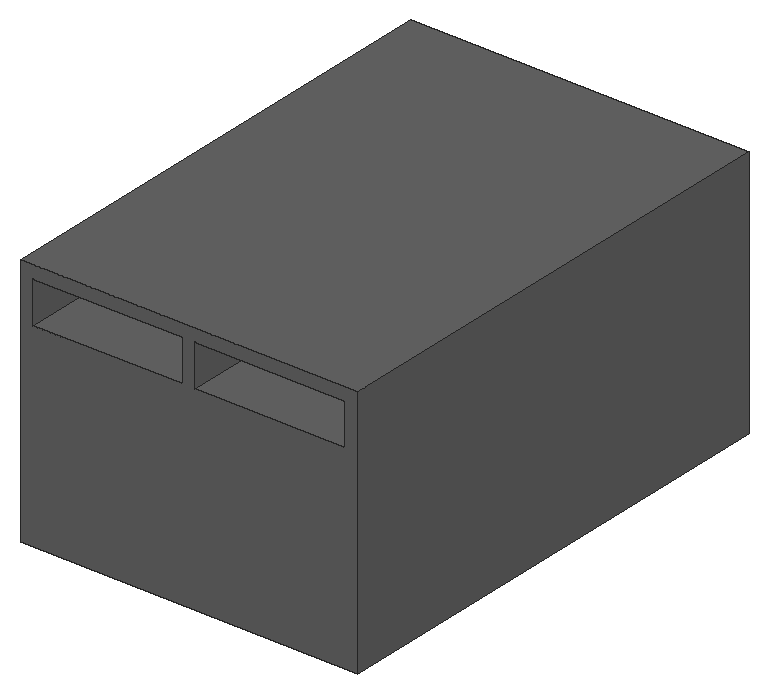
Revit family "GP212-sw", category Communication Devices, Revit 2012
Parameters
  Width = 20.000"
  Weight Product (lb) = 99.5
  Weight Product (kg) = 45.1
  Weight Dimensional (lb) = 115.5
  Weight Dimensional (kg) = 52.4
  Vent Depth = -1 * (Depth - 0.750")  # -28.250"
  URL = "http://www.qscaudio.com/products/speakers/GP212sw/index.htm"
  Type Comments = ""
  Sensitivity = 99
  SPL Max = 135.4
  Regulatory Compliance = "RoHS"
  Product Page URL = "http://www.qscaudio.com/products/speakers/GP212sw/index.htm"
  Product Documentation Link = "http://media.qscaudio.com/pdfs/Specifications/GP212sw_specifications.pdf"
  Power Handling = 1100
  Model = "GP212-sw"
  Manufacturer URL = "www.qscaudio.com"
  Manufacturer = "QSC Audio Products, LLC"
  Impedance = 4
  Height = 15.000"
  Enclosure Material = Black Finish
  Description = "Dual 12\" Bandpass Subwoofer"
  Depth = 29.000"
  Default Elevation = 0.000"
Reference planes (in)
  plane 1 "Center (Front/Back)": y = 0
  plane 2: z = 0
  plane 3 "Center (Left/Right)": x = 0
  plane 4 "Enclosure Left": x = -10
  plane 5 "Enclosure Right": x = 10
  plane 6 "Enclosure Rear": y = 29
  plane 7 "Enclosure Top": z = 7.5
  plane 8 "Enclosure Bottom": z = -7.5
Forms (in)
  Extrusion 1, solid, material "Black Finish" <- "Enclosure Material"
    sketch origin (10, 0, 0) x (0, 1, 0) y (0, 0, -1)
      loop
        line (0, -7.5) -> (29, -7.5) -> (29, 7.5) -> (0, 7.5) -> (0, -7.5)
    from 0 to 20 <- "Width"
  Extrusion 2, void
    sketch origin (0, 0, 0) x (1, 0, 0) y (0, 0, 1)
      loop
        line (-9.25, 6.75) -> (-9.25, 4.25) -> (-0.375, 4.25) -> (-0.375, 6.75) -> (-9.25, 6.75)
      loop
        line (9.25, 6.75) -> (0.375, 6.75) -> (0.375, 4.25) -> (9.25, 4.25) -> (9.25, 6.75)
    from 0 to -28.25 <- "Vent Depth"
Cuts and joins
  Extrusion 2 cuts Extrusion 1
Lines and regions (in)
  model lines, not visible, detail levels fine
    curve 1: line (5.71903, -15.98805, 15.71826) -> (4.97334, -15.00561, 15.71826)
    curve 2: line (4.97334, -15.00561, 15.71826) -> (5.71903, -15.98805, 15.71826)
    curve 3: line (2.26978, -15.86537, 15.71826) -> (2.5515, -14.85193, 15.71826)
    curve 4: line (2.5515, -14.85193, 15.71826) -> (2.26978, -15.86537, 15.71826)
    curve 5: line (2.74036, -16.53639, 15.71826) -> (2.53009, -14.66094, 15.71826)
    curve 6: line (2.53009, -14.66094, 15.71826) -> (2.74036, -16.53639, 15.71826)
    curve 7: line (6.71752, -15.22426, 15.71826) -> (7.38247, -15.7128, 15.71826)
    curve 8: line (7.38247, -15.7128, 15.71826) -> (6.71752, -15.22426, 15.71826)
  model lines, detail levels fine
    curve 9: line (10, 15.92133, -0.30362) -> (10, 15.17564, 0.67883)
    curve 10: line (10, 15.17564, 0.67883) -> (10, 15.92133, -0.30362)
    curve 11: line (10, 12.47208, -0.18094) -> (10, 12.7538, 0.83251)
    curve 12: line (10, 12.7538, 0.83251) -> (10, 12.47208, -0.18094)
    curve 13: line (10, 12.94266, -0.85196) -> (10, 12.73239, 1.0235)
    curve 14: line (10, 12.73239, 1.0235) -> (10, 12.94266, -0.85196)
    curve 15: line (10, 16.91982, 0.46017) -> (10, 17.58477, -0.02836)
    curve 16: line (10, 17.58477, -0.02836) -> (10, 16.91982, 0.46017)
    curve 41: line (-10, 14.48841, -0.30362) -> (-10, 15.2341, 0.67883)
    curve 42: line (-10, 15.2341, 0.67883) -> (-10, 14.48841, -0.30362)
    curve 43: line (-10, 17.93766, -0.18094) -> (-10, 17.65593, 0.83251)
    curve 44: line (-10, 17.65593, 0.83251) -> (-10, 17.93766, -0.18094)
    curve 45: line (-10, 17.46708, -0.85196) -> (-10, 17.67735, 1.0235)
    curve 46: line (-10, 17.67735, 1.0235) -> (-10, 17.46708, -0.85196)
    curve 47: line (-10, 13.48991, 0.46017) -> (-10, 12.82496, -0.02836)
    curve 48: line (-10, 12.82496, -0.02836) -> (-10, 13.48991, 0.46017)
    curve 66: circle (0, 14.5, 7.5) r 0.5 normal (0, 0, 1)
    curve 67: circle (-7.5, 2.5, 7.5) r 0.875 normal (0, 0, 1)
    curve 68: circle (7.5, 2.5, 7.5) r 0.875 normal (0, 0, -1)
    curve 69: circle (-7.5, 26.5, 7.5) r 0.875 normal (0, 0, 1)
    curve 70: circle (7.5, 26.5, 7.5) r 0.875 normal (0, 0, -1)
  model lines, detail levels medium+fine
    curve 17: line (10, 3.85859, -1.79855) -> (10, 8.35859, -1.79855)
    curve 18: line (10, 3.35859, -3.29855) -> (10, 3.35859, -2.29855)
    curve 19: line (10, 8.35859, -3.79855) -> (10, 3.85859, -3.79855)
    curve 20: line (10, 8.85859, -3.29855) -> (10, 8.85859, -2.29855)
    curve 21: arc (10, 8.85859, -2.29855) -> (10, 8.71215, -1.945) -> (10, 8.35859, -1.79855) r 0.5
    curve 22: arc (10, 3.35859, -2.29855) -> (10, 3.50504, -1.945) -> (10, 3.85859, -1.79855) r 0.5
    curve 23: arc (10, 3.35859, -3.29855) -> (10, 3.50504, -3.6521) -> (10, 3.85859, -3.79855) r 0.5
    curve 24: arc (10, 8.85859, -3.29855) -> (10, 8.71215, -3.6521) -> (10, 8.35859, -3.79855) r 0.5
    curve 33: line (10, 21.85859, 4.45145) -> (10, 26.35859, 4.45145)
    curve 34: line (10, 21.35859, 2.95145) -> (10, 21.35859, 3.95145)
    curve 35: line (10, 26.35859, 2.45145) -> (10, 21.85859, 2.45145)
    curve 36: line (10, 26.85859, 2.95145) -> (10, 26.85859, 3.95145)
    curve 37: arc (10, 26.85859, 3.95145) -> (10, 26.71215, 4.305) -> (10, 26.35859, 4.45145) r 0.5
    curve 38: arc (10, 21.35859, 3.95145) -> (10, 21.50504, 4.305) -> (10, 21.85859, 4.45145) r 0.5
    curve 39: arc (10, 21.35859, 2.95145) -> (10, 21.50504, 2.5979) -> (10, 21.85859, 2.45145) r 0.5
    curve 40: arc (10, 26.85859, 2.95145) -> (10, 26.71215, 2.5979) -> (10, 26.35859, 2.45145) r 0.5
    curve 49: line (-10, 8.29604, -1.79855) -> (-10, 3.79604, -1.79855)
    curve 50: line (-10, 8.79604, -3.29855) -> (-10, 8.79604, -2.29855)
    curve 51: line (-10, 3.79604, -3.79855) -> (-10, 8.29604, -3.79855)
    curve 52: line (-10, 3.29604, -3.29855) -> (-10, 3.29604, -2.29855)
    curve 53: arc (-10, 3.29604, -2.29855) -> (-10, 3.44248, -1.945) -> (-10, 3.79604, -1.79855) r 0.5
    curve 54: arc (-10, 8.79604, -2.29855) -> (-10, 8.64959, -1.945) -> (-10, 8.29604, -1.79855) r 0.5
    curve 55: arc (-10, 8.79604, -3.29855) -> (-10, 8.64959, -3.6521) -> (-10, 8.29604, -3.79855) r 0.5
    curve 56: arc (-10, 3.29604, -3.29855) -> (-10, 3.44248, -3.6521) -> (-10, 3.79604, -3.79855) r 0.5
    curve 57: line (-10, 26.23063, 4.45145) -> (-10, 21.73063, 4.45145)
    curve 58: line (-10, 26.73063, 2.95145) -> (-10, 26.73063, 3.95145)
    curve 59: line (-10, 21.73063, 2.45145) -> (-10, 26.23063, 2.45145)
    curve 60: line (-10, 21.23063, 2.95145) -> (-10, 21.23063, 3.95145)
    curve 61: arc (-10, 21.23063, 3.95145) -> (-10, 21.37708, 4.305) -> (-10, 21.73063, 4.45145) r 0.5
    curve 62: arc (-10, 26.73063, 3.95145) -> (-10, 26.58418, 4.305) -> (-10, 26.23063, 4.45145) r 0.5
    curve 63: arc (-10, 26.73063, 2.95145) -> (-10, 26.58418, 2.5979) -> (-10, 26.23063, 2.45145) r 0.5
    curve 64: arc (-10, 21.23063, 2.95145) -> (-10, 21.37708, 2.5979) -> (-10, 21.73063, 2.45145) r 0.5
    curve 65: circle (0, 14.5, 7.5) r 2.125 normal (0, 0, 1)
  model lines, not visible, detail levels medium+fine
    curve 25: line (45.25515, -155.866, 42.32861) -> (45.25515, -151.366, 42.32861)
    curve 26: line (45.25515, -156.366, 40.82861) -> (45.25515, -156.366, 41.82861)
    curve 27: line (45.25515, -151.366, 40.32861) -> (45.25515, -155.866, 40.32861)
    curve 28: line (45.25515, -150.866, 40.82861) -> (45.25515, -150.866, 41.82861)
    curve 29: arc (45.25515, -150.866, 41.82861) -> (45.25515, -151.01245, 42.18217) -> (45.25515, -151.366, 42.32861) r 0.5
    curve 30: arc (45.25515, -156.366, 41.82861) -> (45.25515, -156.21955, 42.18217) -> (45.25515, -155.866, 42.32861) r 0.5
    curve 31: arc (45.25515, -156.366, 40.82861) -> (45.25515, -156.21955, 40.47506) -> (45.25515, -155.866, 40.32861) r 0.5
    curve 32: arc (45.25515, -150.866, 40.82861) -> (45.25515, -151.01245, 40.47506) -> (45.25515, -151.366, 40.32861) r 0.5
Dimensions and locks (in)
  equal spacing: plane 4 "Enclosure Left", plane 3 "Center (Left/Right)", plane 5 "Enclosure Right"
  "Width": plane 4 "Enclosure Left" to plane 5 "Enclosure Right"
  "Depth": plane 6 "Enclosure Rear" to plane 1 "Center (Front/Back)"
  equal spacing: plane 7 "Enclosure Top", level, plane 8 "Enclosure Bottom"
  "Height": plane 7 "Enclosure Top" to plane 8 "Enclosure Bottom"
  Extrusion 2 sketch curve to Extrusion 2 sketch curve = 2.500"  (x2)
  locked: Extrusion 2 sketch curve to plane 7 "Enclosure Top" at 0.75  (x2)
  Extrusion 2 sketch curve to plane 4 "Enclosure Left" = 0.750"
  Extrusion 2 sketch curve to plane 3 "Center (Left/Right)" = 0.375"
  locked: Extrusion 2 sketch curve to plane 3 "Center (Left/Right)" at 0.375
  plane 5 "Enclosure Right" to Extrusion 2 sketch curve = 0.750"
  plane 1 "Center (Front/Back)" to curve 23 = 3.35859"
  curve 19 to plane 8 "Enclosure Bottom" = 3.70145"
  curve 36 to plane 6 "Enclosure Rear" = 2.14141"
  curve 33 to plane 7 "Enclosure Top" = 3.04855"
  plane 8 "Enclosure Bottom" to curve 14 = 6.64804"
  cut or joined group of Extrusion 1, Extrusion 2 to curve 14 = 10.82394"
  curve 52 to plane 1 "Center (Front/Back)" = 3.29604"
  curve 51 to plane 8 "Enclosure Bottom" = 3.70145"
  plane 8 "Enclosure Bottom" to curve 46 = 6.64804"
  plane 6 "Enclosure Rear" to curve 58 = 2.26937"
  curve 57 to plane 7 "Enclosure Top" = 3.04855"
  plane 1 "Center (Front/Back)" to curve 67 = 2.500"
  plane 4 "Enclosure Left" to curve 67 = 2.500"
  plane 4 "Enclosure Left" to curve 69 = 2.500"
  plane 6 "Enclosure Rear" to curve 69 = 2.500"
  aligned and locked: plane 2 to level
  aligned and locked: plane 5 "Enclosure Right" to curve 16
Automatic sketch dimensions
  Extrusion 1 sketch curve to plane 1 "Center (Front/Back)" = 0.000"
  Extrusion 1 sketch curve to plane 6 "Enclosure Rear" = 0.000"
  plane 8 "Enclosure Bottom" to Extrusion 1 sketch curve = 0.000"
  Extrusion 1 sketch curve to plane 7 "Enclosure Top" = 0.000"
  Extrusion 2 sketch curve to plane 3 "Center (Left/Right)" = 0.375"
  plane 5 "Enclosure Right" to Extrusion 2 sketch curve = 0.750"
  curve 11 to curve 12 = 0.000"  (x2)
  curve 11 to curve 13 = 0.26031"
  curve 14 to curve 13 = 0.000"  (x3)
  curve 13 to curve 11 = 0.02141"
  curve 12 to curve 11 = 0.000"
  curve 12 to curve 13 = 0.47058"
  curve 11 to curve 10 = 2.42183"
  curve 9 to curve 10 = 0.000"
  curve 10 to curve 9 = 0.74569"
  curve 10 to curve 9 = 0.000"  (x3)
  curve 9 to curve 16 = 0.9985"
  curve 15 to curve 16 = 0.000"  (x2)
  curve 15 to curve 16 = 0.66495"
  curve 13 to curve 14 = 0.000"
  curve 14 to curve 9 = 0.54834"
  curve 14 to curve 12 = 0.67102"
  curve 9 to curve 15 = 0.27525"
  curve 16 to curve 15 = 0.000"  (x2)
  curve 16 to curve 15 = 0.48853"
  curve 9 to curve 9 = 0.98244"
  curve 11 to curve 12 = 1.01345"
  curve 3 to curve 4 = 0.000"  (x2)
  curve 3 to curve 5 = 0.26031"
  curve 6 to curve 5 = 0.000"  (x3)
  curve 5 to curve 3 = 0.02141"
  curve 4 to curve 3 = 0.000"
  curve 4 to curve 5 = 0.47058"
  curve 3 to curve 2 = 2.42183"
  curve 1 to curve 2 = 0.000"
  curve 2 to curve 1 = 0.74569"
  curve 2 to curve 1 = 0.000"  (x3)
  curve 1 to curve 8 = 0.9985"
  curve 7 to curve 8 = 0.000"  (x2)
  curve 7 to curve 8 = 0.66495"
  curve 5 to curve 6 = 0.000"
  curve 6 to curve 1 = 0.54834"
  curve 6 to curve 4 = 0.67102"
  curve 1 to curve 7 = 0.27525"
  curve 8 to curve 7 = 0.000"  (x2)
  curve 8 to curve 7 = 0.48853"
  curve 1 to curve 1 = 0.98244"
  curve 3 to curve 4 = 1.01345"
  curve 18 to curve 23 = 0.500"
  curve 22 to curve 22 = 0.500"
  curve 24 to curve 21 = 0.000"
  curve 21 to curve 21 = 0.500"
  curve 23 to curve 24 = 4.500"
  curve 21 to curve 24 = 1.000"
  curve 26 to curve 31 = 0.500"
  curve 30 to curve 30 = 0.500"
  curve 32 to curve 29 = 0.000"
  curve 29 to curve 29 = 0.500"
  curve 31 to curve 32 = 4.500"
  curve 29 to curve 32 = 1.000"
  curve 34 to curve 39 = 0.500"
  curve 38 to curve 38 = 0.500"
  curve 40 to curve 37 = 0.000"
  curve 37 to curve 37 = 0.500"
  curve 39 to curve 40 = 4.500"
  curve 37 to curve 40 = 1.000"
  curve 43 to curve 44 = 0.000"  (x2)
  curve 43 to curve 45 = 0.26031"
  curve 46 to curve 45 = 0.000"  (x3)
  curve 45 to curve 43 = 0.02141"
  curve 44 to curve 43 = 0.000"
  curve 44 to curve 45 = 0.47058"
  curve 43 to curve 42 = 2.42183"
  curve 41 to curve 42 = 0.000"
  curve 42 to curve 41 = 0.74569"
  curve 42 to curve 41 = 0.000"  (x3)
  curve 41 to curve 48 = 0.9985"
  curve 47 to curve 48 = 0.000"  (x2)
  curve 47 to curve 48 = 0.66495"
  curve 45 to curve 46 = 0.000"
  curve 46 to curve 41 = 0.54834"
  curve 46 to curve 44 = 0.67102"
  curve 41 to curve 47 = 0.27525"
  curve 48 to curve 47 = 0.000"  (x2)
  curve 48 to curve 47 = 0.48853"
  curve 41 to curve 41 = 0.98244"
  curve 43 to curve 44 = 1.01345"
  curve 50 to curve 55 = 0.500"
  curve 54 to curve 54 = 0.500"
  curve 56 to curve 53 = 0.000"
  curve 53 to curve 53 = 0.500"
  curve 55 to curve 56 = 4.500"
  curve 53 to curve 56 = 1.000"
  curve 58 to curve 63 = 0.500"
  curve 62 to curve 62 = 0.500"
  curve 64 to curve 61 = 0.000"
  curve 61 to curve 61 = 0.500"
  curve 63 to curve 64 = 4.500"
  curve 61 to curve 64 = 1.000"
  curve 65 to curve 66 = 0.000"  (x2)
  curve 66 to plane 3 "Center (Left/Right)" = 0.000"
  curve 70 to plane 6 "Enclosure Rear" = 2.500"
  curve 69 to curve 66 = 12.000"
  curve 68 to plane 1 "Center (Front/Back)" = 2.500"
  plane 5 "Enclosure Right" to curve 70 = 2.500"
  plane 5 "Enclosure Right" to curve 68 = 2.500"
  radius of curve 65 = 2.125"
  radius of curve 66 = 0.500"
  radius of curve 67 = 0.875"
  radius of curve 68 = 0.875"
  radius of curve 69 = 0.875"
  radius of curve 70 = 0.875"
Connectors (in)
  electrical at (0, 29, 0)
    settings: on cut or joined group of Extrusion 1, Extrusion 2, index 1, voltage 0 V, apparent load 0 VA, apparent load phase1 0 VA, apparent load phase2 0 VA, apparent load phase3 0 VA, power factor 1, load classification "Other", number of poles 1, system type 14, power factor state 1, is connector primary yes, connector utility no, sub classification motor no, connector description "Speaker Input/Output (Parallel)"
  electrical at (0, 29, 0)
    settings: on cut or joined group of Extrusion 1, Extrusion 2, index 2, voltage 0 V, apparent load 0 VA, apparent load phase1 0 VA, apparent load phase2 0 VA, apparent load phase3 0 VA, power factor 1, load classification "Other", number of poles 1, system type 14, power factor state 1, is connector primary no, connector utility no, sub classification motor no, connector description "Speaker Input/Output (Parallel)"
